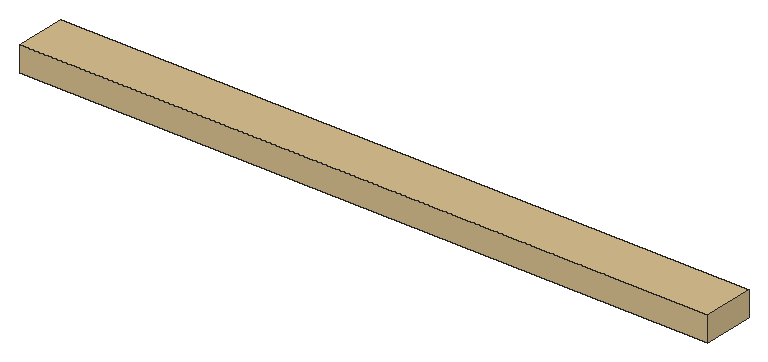
Revit family "EFHeader", category Structural Framing, Revit 2020
Family settings
  Structural Framing Length Roundoff = 0' - 0"
  Section Shape = Not Defined
  Material for Model Behavior = Wood
  Always export as geometry = No
  OmniClass Number = 23.25.30.11.14.14
  OmniClass Title = Beams
  Always vertical = Yes
  Cut with Voids When Loaded = No
  Symbolic Representation = From Project Settings
  Shared = No
  Show family pre-cut in plan views = Yes
Parameters (values of type "4X2 EFSill")
  Type Comments = "2x4"
  Structural Material = Dimensional Lumber
  Pipeline = "2x4"
  Description = "Dimension Lumber"
  A = 5.25 in²
  Assembly Code = "B10"
  Length [instance] = 5' - 0"
  b = 0' - 3 1/2"
  d = 0' - 1 3/4"
Types (5): name | b | d
  2x4 RIM Board | 0' - 1 1/2" | 0' - 3 1/2"
  4X2 Rim Board | 0' - 3 1/2" | 0' - 1 1/2"
  4X10 Rim Board | 0' - 3 1/2" | 0' - 7"
  4X2 EF | 0' - 3 1/2" | 0' - 2"
  4X2 EFSill | 0' - 3 1/2" | 0' - 1 3/4"
Reference planes (in)
  plane 1 "Center (Front/Back)": y = 0
  plane 2: z = 0
  plane 3 "Center (Left/Right)": x = 0.1815
  plane 4 "Member Left": x = -23.8185
  plane 5 "Member Right": x = 24.1815
  plane 6: y = 1.75
  plane 7: y = -1.75
  plane 8: z = 0.875
  plane 9: z = -0.875
  plane 10 "Left": x = -29.8185
  plane 11 "Stick Symbol Left": x = -17.8185
  plane 12 "Stick Symbol Right": x = 18.1815
  plane 13 "Right": x = 30.1815
Forms (in)
  Sweep 1, solid, material "Dimensional Lumber" <- "Structural Material", detail levels medium+fine
    path origin (0, 0, 0) x (1, 0, 0) y (0, 1, 0)
      loop
        line (24.1815, 0) -> (-23.8185, 0)
    profile "Rectangular Wood Beam-Profile : Rectangular Wood Beam-Profile" origin (0.1815, 0, 0) x (0, -1, 0) y (0, 0, 1)
      loop
        line (-1.75, -0.875) -> (1.75, -0.875) -> (1.75, 0.875) -> (-1.75, 0.875) -> (-1.75, -0.875)
Lines and regions (in)
  symbolic lines, style "Stick Symbols", detail levels coarse
    curve 1: line (0.1815, 1.75, 0.875) -> (0.1815, -1.75, 0.875)
    curve 2: line (0.1815, -1.75, -0.875) -> (0.1815, 1.75, -0.875)
    curve 3: line (0.1815, -1.75, 0.875) -> (0.1815, -1.75, -0.875)
    curve 4: line (0.1815, 1.75, -0.875) -> (0.1815, 1.75, 0.875)
  symbolic lines, style "Stick Symbols", detail levels medium
    curve 5: line (-23.8185, 0, 0.875) -> (24.1815, 0, 0.875)
Dimensions and locks (in)
  "b": plane 6 to plane 7
  "d": plane 9 to plane 8
  equal spacing: plane 9, plane 2, plane 8
  equal spacing: plane 6, plane 1 "Center (Front/Back)", plane 7
  "Length": plane 10 "Left" to plane 13 "Right"
  aligned and locked: Sweep 1 sketch curve to plane 1 "Center (Front/Back)"
  aligned and locked: curve 1 to Sweep 1
  aligned and locked: curve 2 to Sweep 1
  aligned and locked: curve 3 to Sweep 1
  aligned and locked: curve 4 to Sweep 1
  aligned and locked: plane 4 "Member Left" to Sweep 1 sketch curve
  aligned and locked: plane 5 "Member Right" to Sweep 1 sketch curve
  aligned and locked: plane 4 "Member Left" to curve 5
  aligned and locked: plane 5 "Member Right" to curve 5
  aligned and locked: plane 1 "Center (Front/Back)" to curve 5
